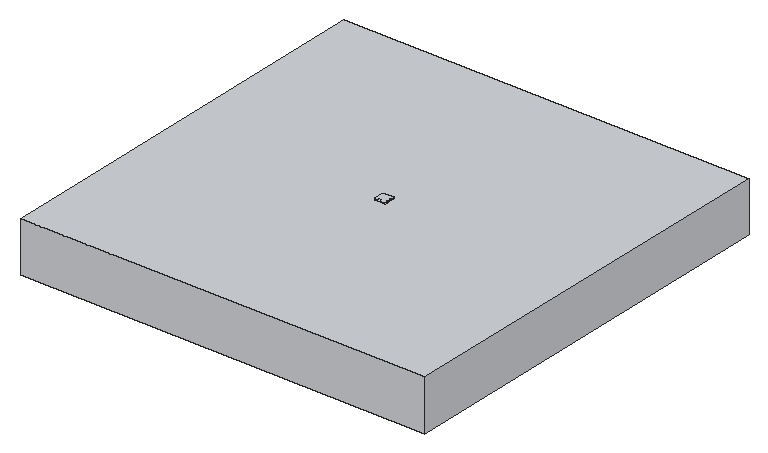
Revit family "Gira_015900", category Allgemeines Modell, Revit 2017
Family settings
  Basisbauteil = Fläche
  Kann Basisbauteil für Bewehrung sein = Nein
  Bemaßung runder Anschluss = Durchmesser verwenden
  Teiletyp = Normal
  Beim Laden mit Abzugskörper schneiden = Nein
  Gemeinsam genutzt = Nein
  Raumberechnungspunkt = Nein
Parameters
  With mounting plate = no
  With memory function = no
  With lighting = no
  With label area = no
  With glass breaking detector connection = no
  With brightness sensor connection = no
  With N-busbar = no
  With LED indication = no
  With Astro program = no
  Wiring system = "Intermediate switch"
  Washing machine switch = no
  Default Elevation = 1219.2 mm
  URL = "https://www.gira.de/"
  Typname = "Blind rocker sw. Insert"
  Type of load = "Universal"
  Type of lighting = "Not included"
  Type of fastening = "Mounting with claw and screw"
  Transparent = no
  Through loss at 860 MHz [B] = 0.1
  Through loss at 2150 MHz [B] = 0.1
  Temperature [Kelvin] = "[5:45]"
  Switch-off protection = no
  Surface protection = "Other"
  Surface finishing = "Not applicable"
  Suitable for wire wound low voltage transformer = yes
  Suitable for wind sensor = no
  Suitable for staircase time switch = no
  Suitable for rain sensor = no
  Suitable for fluorescent tube/energy-saving lamp = yes
  Suitable for electronic low voltage transformer = yes
  Suitable for degree of protection (IP) = "IP20"
  Suitable for 230 V incandescent lamp/halogen lamp = yes
  Substation input = yes
  Shielded housing = no
  Shielded buses = yes
  Serial dimmer = no
  Separate strain relief = yes
  Rated current = 10 A
  Random generator = no
  Push button switch = no
  Productwebsite = "http://katalog.gira.de/en/datenblatt.html?artikelnr=015900"
  Output voltage [Volt] = 5
  Other bus systems = "None"
  Operating voltage [Volt] = "[110:240]"
  Only suitable as substation = no
  Number of rockers = 1
  Number of outputs = 2
  Number of modules (module system) = 1
  Number of buttons = 2
  Nominal voltage [Volt] 3 = "[230:230]"
  Nominal voltage [Volt] 2 = "[230:230]"
  Nominal voltage [Volt] = 250
  Mounting method shielding connection = "Screw"
  Mounting method = "Flush mounted (plaster)"
  Model = "1-pole switch"
  Min. depth of built-in installation box [m] = 0.024
  Method of operation = "Rocker"
  Mechanical controllable = yes
  Mechanical coding = no
  Max. switching power [Voltampere] = 1000
  Max. output current = 1.4 A
  Material quality = "Other"
  Material = "Other"
  Light value memory = no
  Label space/information surface 7 = "No"
  Label space/information surface 6 = "No"
  Label space/information surface 5 = "No"
  Label space/information surface 4 = "No"
  Label space/information surface = no
  Integrated timer = no
  Input for substation = no
  Imprint = "None"
  Illumination = "Yes"
  Hersteller = "Gira"
  Halogen free = no
  HAN = "015900"
  GTIN = "4010337159001"
  Function lighting = "Illuminated (on)"
  Frequency [Hz] = "[50:60]"
  Forced switch off = no
  Feedback-signal contact = no
  Electronic controllable = no
  Electrical and mechanical locking = yes
  Dimming phase cut-on = yes
  Dimming phase cut-off = yes
  Degree of protection (IP) = "IP20"
  Data sheet = "https://katalog.gira.de/en/download.html?artikelnr=015900"
  Contacts = "1 change-over contact"
  Connection type = "Plug clamp"
  Colour = "Other"
  Category = "Other"
  Bus system radio frequent = no
  Bus system Powernet = no
  Bus system LON = no
  Bus system KNX radio = no
  Bus system KNX = yes
  Bus connection included = yes
  Beschreibung = "Blind rock.sw. Ins.,Blind rocker switch insert 10 A 250 V~,,,Features:,- With block to prevent both sides from being switched on.,- Locked both electrically and mechanically.,,Notes :,- Suitable for use as an auxiliary input for the blind controller insert with auxiliary input."
  BIM = "https://media.stage.bim.site/public/gira/290f3eb/Einsatz_1fach.rfa"
  Assembly arrangement = "Basic element"
  Applicable with transmission button = no
  Applicable with time switch/timer = no
  Applicable with presence indicator = yes
  Applicable with movement sensor = yes
  Applicable with infrared button = no
  Applicable with button = yes
  App control via Bluetooth = no
Reference planes
  plane 1 "Center (Front/Back)": y = 0
  plane 2: z = 0
  plane 3 "Center (Left/Right)": x = 0
Forms (mm)
  Extrusion 1, solid
    sketch origin (0, 0, 0) x (1, 0, 0) y (0, 1, 0)
      loop
        line (-1219.2, 1219.2) -> (-1219.2, -1219.2) -> (1219.2, -1219.2) -> (1219.2, 1219.2) -> (-1219.2, 1219.2)
    from 0 to -304.8
  Extrusion 2, solid, detail levels fine
    sketch origin (0, 0, 0) x (1, 0, 0) y (0, 1, 0)
      loop
        line (27.475, 35.475) -> (-27.475, 35.475)
        arc (-27.475, 35.475) -> (-33.132, 33.132) -> (-35.475, 27.475) r 8
        line (-35.475, 27.475) -> (-35.475, -27.475)
        arc (-35.475, -27.475) -> (-33.132, -33.132) -> (-27.475, -35.475) r 8
        line (-27.475, -35.475) -> (27.475, -35.475)
        arc (27.475, -35.475) -> (33.132, -33.132) -> (35.475, -27.475) r 8
        line (35.475, -27.475) -> (35.475, 27.475)
        arc (35.475, 27.475) -> (33.132, 33.132) -> (27.475, 35.475) r 8
    from 0 to 1.8
  Extrusion 3, solid, detail levels fine
    sketch origin (0, 0, 0) x (1, 0, 0) y (0, 1, 0)
      loop
        line (9.678, 25.4) -> (-9.678, 25.4)
        arc (-9.678, 25.4) -> (-12.885, 24.922) -> (-15.814, 23.53) r 11
        arc (-15.814, 23.53) -> (-17.795, 22.07) -> (-19.641, 20.444) r 28.35
        arc (-19.641, 20.444) -> (-21.339, 18.665) -> (-22.876, 16.745) r 28.35
        arc (-22.876, 16.745) -> (-24.456, 13.666) -> (-25, 10.248) r 11
        line (-25, 10.248) -> (-25, -10.248)
        arc (-25, -10.248) -> (-24.456, -13.666) -> (-22.876, -16.745) r 11
        arc (-22.876, -16.745) -> (-20.409, -19.677) -> (-17.569, -22.25) r 28.35
        line (-17.569, -22.25) -> (17.569, -22.25)
        arc (17.569, -22.25) -> (20.409, -19.677) -> (22.876, -16.745) r 28.35
        arc (22.876, -16.745) -> (24.456, -13.666) -> (25, -10.248) r 11
        line (25, -10.248) -> (25, 10.248)
        arc (25, 10.248) -> (24.456, 13.666) -> (22.876, 16.745) r 11
        arc (22.876, 16.745) -> (21.593, 18.37) -> (20.195, 19.897) r 28.35
        arc (20.195, 19.897) -> (18.096, 21.823) -> (15.814, 23.53) r 28.35
        arc (15.814, 23.53) -> (12.885, 24.922) -> (9.678, 25.4) r 11
    from 0 to -22
  Extrusion 4, solid, detail levels medium
    sketch origin (0, 0, 0) x (1, 0, 0) y (0, 1, 0)
      loop
        line (-25, 25.4) -> (-25, -22.25) -> (25, -22.25) -> (25, 25.4) -> (-25, 25.4)
    from 0 to -22
  Extrusion 5, solid, detail levels coarse
    sketch origin (0, 0, 0) x (1, 0, 0) y (0, 1, 0)
      loop
        line (35.475, 35.475) -> (-35.475, 35.475) -> (-35.475, -35.475) -> (35.475, -35.475) -> (35.475, 35.475)
    from -22 to 1.8
  Extrusion 6, solid, detail levels medium
    sketch origin (0, 0, 0) x (1, 0, 0) y (0, 1, 0)
      loop
        line (35.475, 35.475) -> (-35.475, 35.475) -> (-35.475, -35.475) -> (35.475, -35.475) -> (35.475, 35.475)
    from 0 to 1.8
Dimensions and locks
  aligned and locked: plane 2 to Extrusion 1
  aligned and locked: level to Extrusion 1
Connectors
  electrical at (0, 0, -22)
    settings: on Extrusion 5, index 1, voltage 220 V, apparent load 0 VA, apparent load phase1 0 VA, apparent load phase2 0 VA, apparent load phase3 0 VA, power factor 1, load classification "Other", number of poles 1, system type 30, power factor state 1, is connector primary yes, connector utility no, sub classification motor no, connector description ""
